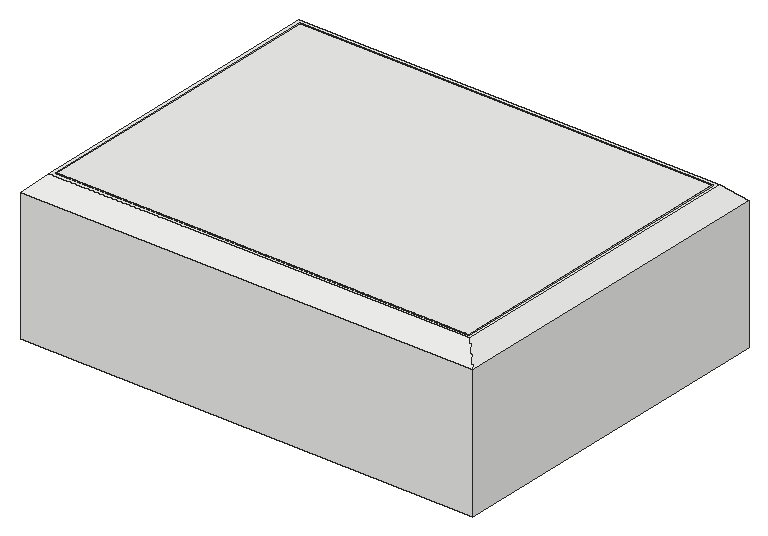
Revit family "Electronics_Commercial-Loudspeakers_Biamp_Two-Way-Ceiling-Speaker_EN-SMS6T6-W", category Communication Devices, host Face, Revit 2020
Family settings
  Host = Face
  Maintain Annotation Orientation = No
  Round Connector Dimension = Use Diameter
  Part Type = Normal
  OmniClass Number = 23.85.10.11.14.14.14
  OmniClass Title = Loudspeakers
  Cut with Voids When Loaded = No
  Shared = No
  Room Calculation Point = No
Parameters (values of type "EN-SMS6T6-W")
  Width = 252 mm  # constant formula
  Vertical dispersion angle 1000 Hz = "180°"  # constant formula
  Operating temperatures = "-20°C to +100°C"  # constant formula
  Max SPL 1m in dB = "102.4"  # constant formula
  Woofer size in inch = "6.5"  # constant formula
  Mounting system = "2 screws"  # constant formula
  Main construction material = "Mdf wood"  # constant formula
  Low impedance dynamic power in watts = "6"  # constant formula
  Horizontal dispersion angle 1000Hz = "180°"  # constant formula
  Height = 192 mm  # constant formula
  Connector Description = "Conductor; 6-3-1.5 W 100V"  # constant formula
  Closest RAL colour (subject to deviations) = "RAL9010"  # constant formula
  Certificate ref = "1438/CPR/0354"  # constant formula
  Woofer cone material = "Paper"  # constant formula
  SPL 1W/1m in dB = "94.6"  # constant formula
  Loudspeaker system = "Full range"  # constant formula
  Weight = 1.80 kgf  # constant formula
  Version = 1
  URL = "https://www.biamp.com/"
  Product data url = "https://bimobject.com/biamp/product/en-sms6t6-w_commercial-loudspeakers-en54-24"
  Product Page URL = "https://www.biamp.com/products/product-families/commercial-loudspeakers/en54-24#en-sms6t6-w"
  Product Documentation Link = "https://downloads.biamp.com/assets/docs/default-source/discontinued/biamp_data_sheet_en-sms6t6-w_aug20.pdf"
  Model = "EN-SMS6T6-W"  # constant formula
  Manufacturer = "Biamp"  # constant formula
  IP rating = "54"  # constant formula
  Housing Material = Biamp - Plastic - White
  Grill Material = Biamp - Plastic - White(Grid)
  Frequency response in Hz = "110 - 15 k"  # constant formula
  Description = "EN-SMS6T6-W EN54-24 Certified 6 MDF Square On-Wall Loudspeaker"  # constant formula
  Depth = 82 mm  # constant formula
  Default Elevation = 1219.2 mm
  Date Updated = ""
  Date Created = "2023/08/21"
  Colour = "White"  # constant formula
  100V transformer power taps in watts = "6 - 3 - 1.5"  # constant formula
Reference planes
  plane 1 "Center (Front/Back)": y = 0
  plane 2: z = 0
  plane 3 "Center (Left/Right)": x = 0
Forms (mm)
  Extrusion 1, solid, material "Biamp - Plastic - White" <- "Housing Material", detail levels coarse
    sketch origin (0, 0, 0) x (1, 0, 0) y (0, 1, 0)
      loop
        line (-126, -96) -> (126, -96) -> (126, 96) -> (-126, 96) -> (-126, -96)
    from 0 to 82
  Extrusion 2, solid, material "Biamp - Plastic - White" <- "Housing Material", detail levels medium+fine
    sketch origin (0, 0, 0) x (1, 0, 0) y (0, 1, 0)
      loop
        line (-126, -96) -> (126, -96) -> (126, 96) -> (-126, 96) -> (-126, -96)
    from 0 to 82
  Sweep 3, void
    path in 3D
      loop
        line (-126, -96, 82) -> (126, -96, 82) -> (126, 96, 82) -> (-126, 96, 82) -> (-126, -96, 82)
    profile origin (-126, 0, 82) x (1, 0, 0) y (0, 0, 1)
      loop
        line (0, -8.846) -> (8.846, 0) -> (0, 0) -> (0, -8.846)
  Extrusion 4, void
    sketch origin (0, 0, 82) x (1, 0, 0) y (0, 1, 0)
      loop
        line (-115.154, 85.154) -> (-115.154, -85.154) -> (115.154, -85.154) -> (115.154, 85.154) -> (-115.154, 85.154)
    from -8.846 to 0
  Extrusion 5, solid, material "Biamp - Plastic - White(Grid)" <- "Grill Material", detail levels medium+fine
    sketch origin (0, 0, 73.154) x (1, 0, 0) y (0, 1, 0)
      loop
        line (115.154, 85.154) -> (-115.154, 85.154) -> (-115.154, -85.154) -> (115.154, -85.154) -> (115.154, 85.154)
    from 0 to 8.846
  Extrusion 6, void
    sketch origin (0, 0, 0) x (0, 1, 0) y (1, 0, 0)
      loop
        line (-58.738, 109.488) -> (-78.738, 109.488) -> (-78.738, 69.488) -> (-58.738, 69.488) -> (-58.738, 109.488)
    from -2.196 to 0
Cuts and joins
  Sweep 3, Extrusion 4, Extrusion 6 cuts Extrusion 2
  Extrusion 6 cuts Extrusion 1
Lines and regions (mm)
  Masking region 1
    outline origin (0, 0, 0) x (1, 0, 0) y (0, 1, 0)
      loop
        line (-126, 96) -> (-126, -96) -> (126, -96) -> (126, 96) -> (-126, 96)
      loop
        line (-115.154, 85.154) -> (-115.154, -85.154) -> (115.154, -85.154) -> (115.154, 85.154) -> (-115.154, 85.154)
  Masking region 2
    outline origin (0, 0, 0) x (1, 0, 0) y (0, 1, 0)
      loop
        line (-115.154, 85.154) -> (-115.154, -85.154) -> (115.154, -85.154) -> (115.154, 85.154) -> (-115.154, 85.154)
  Masking region 3
    outline origin (0, 0, 0) x (1, 0, 0) y (0, 0, 1)
      loop
        line (-126, 82) -> (-126, 0) -> (126, 0) -> (126, 82) -> (-126, 82)
  sketch lines
    curve 1: line (-126, 96, 82) -> (-126, -96, 82)
    curve 2: line (126, 96, 82) -> (-126, 96, 82)
    curve 3: line (126, -96, 82) -> (126, 96, 82)
    curve 4: line (-126, -96, 82) -> (126, -96, 82)
Dimensions and locks
  aligned and locked: plane 2 to host face
  aligned and locked: level to host face
Connectors
  electrical at (89.488, -68.738, 2.196), driven by "Connector Description"
    settings: on cut or joined group of Extrusion 2, Sweep 3, Extrusion 4, Extrusion 6, index 1, voltage 0 V, apparent load 0 VA, apparent load phase1 0 VA, apparent load phase2 0 VA, apparent load phase3 0 VA, power factor 1, load classification "Other", number of poles 1, system type 5, power factor state 1, is connector primary yes, connector utility no, sub classification motor no, connector description "Conductor; 6-3-1.5 W 100V"
